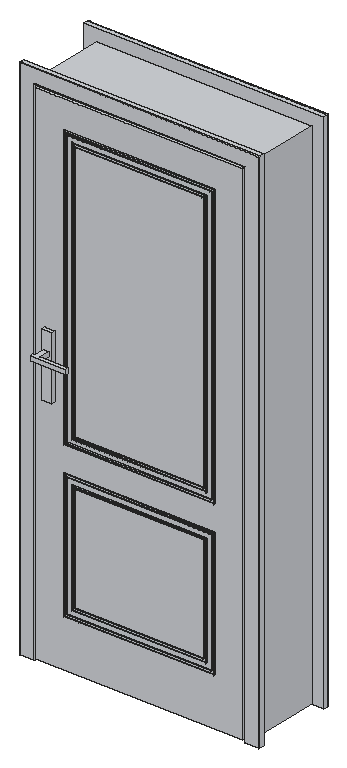
Revit family "PortaVECTORbp_V", category Doors, host Wall, Revit 2013
Parameters (values of type "PN 80")
  Zakres szerokości muru [instance] = if(and(Szerokość ściany > 94 mm, Szerokość ściany < 120 mm), "B", (if(and(Szerokość ściany > 119 mm, Szerokość ściany < 140 mm), "C", (if(and(Szerokość ściany > 139 mm, Szerokość ściany < 160 mm), "D", (if(and(Szerokość ściany > 159 mm, Szerokość ściany < 180 mm), "E", (if(and(Szerokość ściany > 179 mm, Szerokość ściany < 200 mm), "F", (if(and(Szerokość ściany > 199 mm, Szerokość ściany < 220 mm), "G", (if(and(Szerokość ściany > 219 mm, Szerokość ściany < 240 mm), "H", (if(and(Szerokość ściany > 239 mm, Szerokość ściany < 260 mm), "I", (if(and(Szerokość ściany > 259 mm, Szerokość ściany < 280 mm), "J", (if(and(Szerokość ściany > 279 mm, Szerokość ściany < 301 mm), "K", "BRAK")))))))))))))))))))  # "K"
  Rough Height = 2060 mm
  Szerokość ściany [instance] = 300 mm
  Rough Width = 880 mm
  Model = "Porta Vector V"
  Function = Interior
  URL = "www.porta.com.pl"
  Ss = 818 mm
  Sb = 846 mm
  Manufacturer = "PORTA KMI POLAND"
  Keynote = ""
  Description = "Biblioteki CAD produktów firmy PORTA KMI POLAND wraz z ich wizualizacjami są chronione prawami własności przemysłowej i intelektualnej. Można je wykorzystywać do handlowych celów osobistych poprzez zastosowanie w projektach, jednak nie wolno ich powielać, modyfikować, licencjonować ani publikować, w całości ani w części, chyba że celem przeglądania, bez uprzedniej pisemnej zgody PORTA KMI Poland. www.porta.com.pl"
  Height = 2016 mm
  Wall Closure = By host
  Width = 800 mm
  Materiał_skrzydło [instance] = none
  Materiał_ościeżnica [instance] = none
  Materiał_klamka [instance] = none
  Hs = 2017 mm
Types (3, lengths in mm): name | Rough Width | Ss | Sb | Width
  (no name) | 880 | 818 | 846 | 800
  PN 80 | 880 | 818 | 846 | 800
  PN 90 | 980 | 918 | 946 | 900
Reference planes
  plane 1: y = 0
  plane 2 "Środek (Lewa/Prawa)": x = 0
  plane 3 "Lewy": x = -440
  plane 4 "Prawy": x = 440
  plane 5: z = 2060
  plane 6 "Zewnętrzna": y = 150
  plane 7 "Wewnętrzna": y = -150
  plane 8 "skrzydło": y = -129
Forms (mm)
  Sweep 1, solid, material <- "Materiał_ościeżnica"
    path in 3D
      loop
        line (-440, -150, 0) -> (-440, -150, 2060) -> (440, -150, 2060) -> (440, -150, 0)
    profile origin (-440, -150, 1030) x (0, -1, 0) y (1, 0, 0)
      loop
        line (-24, 39) -> (-72, 39) -> (-72, 17) -> (0, 17) -> (0, -33) -> (16, -33)
        arc (16, -33) -> (18.121, -32.121) -> (19, -30) r 3
        line (19, -30) -> (19, 24)
        arc (19, 24) -> (18.121, 26.121) -> (16, 27) r 3
        line (16, 27) -> (-24, 27) -> (-24, 39)
  Sweep 2, solid, material <- "Materiał_ościeżnica"
    path in 3D
      loop
        line (440, 150, 0) -> (440, 150, 2060) -> (-440, 150, 2060) -> (-440, 150, 0)
    profile origin (-440, 150, 1030) x (1, 0, 0) y (0, 1, 0)
      loop
        line (-33, 0) -> (17, 0) -> (17, -228) -> (39, -228) -> (39, -1)
        arc (39, -1) -> (37.536, 2.536) -> (34, 4) r 5
        line (34, 4) -> (25, 4) -> (25, 16)
        arc (25, 16) -> (24.121, 18.121) -> (22, 19) r 3
        line (22, 19) -> (-30, 19)
        arc (-30, 19) -> (-32.121, 18.121) -> (-33, 16) r 3
        line (-33, 16) -> (-33, 0)
  Sweep 3, solid, not visible
    path in 3D
      loop
        line (-440, -150, 0) -> (-440, -150, 2060)
    profile origin (-440, -150, 1030) x (0, -1, 0) y (1, 0, 0)
      loop
        line (-151, 17) -> (-149, 17) -> (-149, 19) -> (-151, 19) -> (-151, 17)
Cuts and joins
  joined: Sweep 1, Sweep 2
Lines and regions (mm)
  Opening 1
    outline origin (-3050, -150, 0) x (1, 0, 0) y (0, 0, 1)
      loop
        line (2610, 0) -> (3490, 0) -> (3490, 2060) -> (2610, 2060) -> (2610, 0)
  sketch lines
    curve 1: line (-440, -150, 0) -> (-440, -150, 2060)
    curve 2: line (-440, -150, 2060) -> (440, -150, 2060)
    curve 3: line (440, -150, 2060) -> (440, -150, 0)
    curve 4: line (-440, 150, 2060) -> (-440, 150, 0)
    curve 5: line (440, 150, 2060) -> (-440, 150, 2060)
    curve 6: line (440, 150, 0) -> (440, 150, 2060)
    curve 12: line (-440, -150, 0) -> (-440, -150, 2060)
  symbolic lines, style "DoorsPanelProjection"
    curve 7: line (409, -150, 0) -> (409, -968, 0)
    curve 8: line (409, -968, 0) -> (369, -968, 0)
    curve 9: line (369, -968, 0) -> (369, -150, 0)
    curve 10: line (369, -150, 0) -> (409, -150, 0)
  symbolic lines, style "Ugięcie rzutu"
    curve 11: arc (-409, -150, 0) -> (-169.413, -728.413, 0) -> (409, -968, 0) r 818
Text (mm)
  text "Zewnętrzna" at (-2295.016, 1099.543, 0), in view "Poziom odniesienia"
  text "Zewnętrzna" at (0, 1615.38, 3698.081), in view "Lewy"
  text "Zewnętrzna" at (0, 1036.032, 3874.932), in view "Prawy"
Dimensions and locks
  equal spacing: plane 3 "Lewy", plane 2 "Środek (Lewa/Prawa)", plane 4 "Prawy"
  "Rough Width": plane 3 "Lewy" to plane 4 "Prawy"
  "Rough Height": plane 5 to host wall
  host wall to plane 5 = 2060 mm  (x2)
  locked: plane 6 "Zewnętrzna" to host wall at 0
  locked: plane 7 "Wewnętrzna" to host wall
  "Sb": Sweep 1 to Sweep 1
  locked: Sweep 1 sketch curve to Sweep 1 sketch curve at 22
  Sweep 1 sketch curve to Sweep 1 sketch curve = 50 mm
  locked: Sweep 1 sketch curve to profile plane at 72
  locked: Sweep 2 sketch curve to Sweep 2 sketch curve at 50
  locked: Sweep 2 sketch curve to Sweep 2 sketch curve at 22
  locked: Sweep 2 sketch curve to plane 6 "Zewnętrzna" at 1
  locked: curve 9 to curve 7 at 40
  "Ss": curve 8 to curve 10
  equal spacing: curve 11, plane 2 "Środek (Lewa/Prawa)", curve 7
  locked: plane 7 "Wewnętrzna" to plane 8 "skrzydło" at 21
  locked: host wall to Sweep 3 sketch curve at 1
  locked: Sweep 3 sketch curve to host wall at 1
  locked: Sweep 3 sketch curve to plane 6 "Zewnętrzna" at 151
  locked: plane 7 "Wewnętrzna" to Sweep 3 sketch curve at 151
  equal spacing: nested 1, plane 2 "Środek (Lewa/Prawa)", nested 1
  locked: nested 1 to level at 8
  "Szerokość ściany": host wall to host wall
  aligned and locked: plane 3 "Lewy" to Opening 1 sketch curve
  aligned and locked: plane 5 to Opening 1 sketch curve  (x2)
  aligned and locked: Opening 1 sketch curve to plane 4 "Prawy"
  aligned and locked: Opening 1 sketch curve to level
  aligned and locked: plane 1 to host wall
  aligned and locked: Sweep 1 to Sweep 2 sketch curve
  aligned and locked: plane 7 "Wewnętrzna" to curve 10
  aligned and locked: Sweep 3 sketch curve to cut or joined group of Sweep 1, Sweep 2
  aligned and locked: Sweep 2 sketch curve to cut or joined group of Sweep 1, Sweep 2
  aligned and locked: nested 1 to plane 8 "skrzydło"
Automatic sketch dimensions
  profile plane to Sweep 1 sketch curve = 24 mm
  Sweep 1 sketch curve to profile plane = 16 mm  (x2)
  Sweep 1 sketch curve to Sweep 1 sketch curve = 3 mm
  profile plane to Sweep 1 sketch curve = 17 mm
  Sweep 1 sketch curve to Sweep 1 sketch curve = 7 mm
  Sweep 1 sketch curve to profile plane = 0 mm
  Sweep 2 sketch curve to profile plane = 0 mm
  Sweep 2 sketch curve to profile plane = 16 mm
  Sweep 2 sketch curve to Sweep 2 sketch curve = 3 mm
  Sweep 2 sketch curve to Sweep 2 sketch curve = 5 mm
  Sweep 2 sketch curve to profile plane = 4 mm
  Sweep 2 sketch curve to Sweep 2 sketch curve = 8 mm
  curve 11 to host wall = 0 mm
  Sweep 3 sketch curve to Sweep 3 sketch curve = 2 mm
Nested families
  nested 1: "skrzydło" at (0, -135.5, 0), Materiał_klamka <- "Materiał_klamka", Materiał_skrzydło <- "Materiał_skrzydło", type "skrzydło"
    with Materiał_skrzydło none, Materiał_klamka none
Definition of nested family "skrzydło"
  Parameters (values of type "skrzydło")
    Ss = 818 mm
    Materiał_skrzydło [instance] = domyślne
    Materiał_klamka [instance] = none
    Hs = 2017 mm
  Reference planes
    plane 1 "Tył": y = 6.5
    plane 2: z = 0
    plane 3 "Środek (Lewa/Prawa)": x = 0
    plane 4 "Lewa": x = -409
    plane 5 "Prawa": x = 409
    plane 6 "Przód": y = -33.5
    plane 7: z = 2025
    plane 8 "Centrum": y = -13.5
    plane 9: z = 8
  Forms (mm)
    Extrusion 1, solid, material "domyślne" <- "Materiał_skrzydło"
      sketch origin (-1191.728, -1524, 8) x (-1, 0, 0) y (0, -1, 0)
        loop
          line (-782.728, -1490.5) -> (-1600.728, -1490.5) -> (-1600.728, -1530.5) -> (-782.728, -1530.5) -> (-782.728, -1490.5)
      from 0 to 2017
    Extrusion 2, void
      sketch origin (-2140.117, -33.5, 1200) x (1, 0, 0) y (0, 0, 1)
        loop
          line (1840.117, -400) -> (2440.117, -400) -> (2440.117, 716) -> (1840.117, 716) -> (1840.117, -400)
        loop
          line (1846.117, 710) -> (1846.117, -394) -> (2434.117, -394) -> (2434.117, 710) -> (1846.117, 710)
        loop
          line (1850.117, -390) -> (2430.117, -390) -> (2430.117, 706) -> (1850.117, 706) -> (1850.117, -390)
        loop
          line (1856.117, 700) -> (1856.117, -384) -> (2424.117, -384) -> (2424.117, 700) -> (1856.117, 700)
        loop
          line (1878.117, 678) -> (1878.117, -362) -> (2402.117, -362) -> (2402.117, 678) -> (1878.117, 678)
        loop
          line (1872.117, -368) -> (2408.117, -368) -> (2408.117, 684) -> (1872.117, 684) -> (1872.117, -368)
        loop
          line (1882.117, -358) -> (2398.117, -358) -> (2398.117, 674) -> (1882.117, 674) -> (1882.117, -358)
        loop
          line (1888.117, 668) -> (1888.117, -352) -> (2392.117, -352) -> (2392.117, 668) -> (1888.117, 668)
        loop
          line (1888.117, -957) -> (2392.117, -957) -> (2392.117, -542) -> (1888.117, -542) -> (1888.117, -957)
        loop
          line (2398.117, -963) -> (2398.117, -536) -> (1882.117, -536) -> (1882.117, -963) -> (2398.117, -963)
        loop
          line (1878.117, -967) -> (2402.117, -967) -> (2402.117, -532) -> (1878.117, -532) -> (1878.117, -967)
        loop
          line (2408.117, -973) -> (2408.117, -526) -> (1872.117, -526) -> (1872.117, -973) -> (2408.117, -973)
        loop
          line (1856.117, -989) -> (2424.117, -989) -> (2424.117, -510) -> (1856.117, -510) -> (1856.117, -989)
        loop
          line (2430.117, -995) -> (2430.117, -504) -> (1850.117, -504) -> (1850.117, -995) -> (2430.117, -995)
        loop
          line (2440.117, -1005) -> (2440.117, -494) -> (1840.117, -494) -> (1840.117, -1005) -> (2440.117, -1005)
        loop
          line (1846.117, -999) -> (2434.117, -999) -> (2434.117, -500) -> (1846.117, -500) -> (1846.117, -999)
      from 2 to -1
    Extrusion 3, void
      sketch origin (0, 6.5, 0) x (-1, 0, 0) y (0, 0, 1)
        loop
          line (-300, 195) -> (300, 195) -> (300, 706) -> (-300, 706) -> (-300, 195)
        loop
          line (294, 201) -> (294, 700) -> (-294, 700) -> (-294, 201) -> (294, 201)
        loop
          line (-290, 205) -> (290, 205) -> (290, 696) -> (-290, 696) -> (-290, 205)
        loop
          line (284, 211) -> (284, 690) -> (-284, 690) -> (-284, 211) -> (284, 211)
        loop
          line (-268, 227) -> (268, 227) -> (268, 674) -> (-268, 674) -> (-268, 227)
        loop
          line (262, 233) -> (262, 668) -> (-262, 668) -> (-262, 233) -> (262, 233)
        loop
          line (-258, 237) -> (258, 237) -> (258, 664) -> (-258, 664) -> (-258, 237)
        loop
          line (252, 243) -> (252, 658) -> (-252, 658) -> (-252, 243) -> (252, 243)
        loop
          line (-300, 1916) -> (-300, 800) -> (300, 800) -> (300, 1916) -> (-300, 1916)
        loop
          line (-294, 806) -> (294, 806) -> (294, 1910) -> (-294, 1910) -> (-294, 806)
        loop
          line (-290, 1906) -> (-290, 810) -> (290, 810) -> (290, 1906) -> (-290, 1906)
        loop
          line (-284, 816) -> (284, 816) -> (284, 1900) -> (-284, 1900) -> (-284, 816)
        loop
          line (-268, 1884) -> (-268, 832) -> (268, 832) -> (268, 1884) -> (-268, 1884)
        loop
          line (-262, 838) -> (262, 838) -> (262, 1878) -> (-262, 1878) -> (-262, 838)
        loop
          line (-258, 1874) -> (-258, 842) -> (258, 842) -> (258, 1874) -> (-258, 1874)
        loop
          line (-252, 848) -> (252, 848) -> (252, 1868) -> (-252, 1868) -> (-252, 848)
      from -1 to 2
  Cuts and joins
    Extrusion 2, Extrusion 3 cuts Extrusion 1
  Dimensions and locks
    equal spacing: plane 4 "Lewa", plane 3 "Środek (Lewa/Prawa)", plane 5 "Prawa"
    "Ss": plane 4 "Lewa" to plane 5 "Prawa"
    locked: plane 9 to level at 8
    "Hs": plane 7 to plane 9
    locked: nested 1 to plane 9 at 934
    locked: plane 9 to nested 2 at 934
    equal spacing: plane 6 "Przód", plane 8 "Centrum", plane 1 "Tył"
    locked: plane 4 "Lewa" to nested 1 at 55
    locked: plane 4 "Lewa" to nested 2 at 55
    Extrusion 2 sketch curve to Extrusion 2 sketch curve to Extrusion 2 sketch curve to Extrusion 2 sketch curve to Extrusion 2 sketch curve to Extrusion 2 sketch curve to Extrusion 2 sketch curve to Extrusion 2 sketch curve to plane 4 "Lewa" = 6 mm locked, 4 mm locked, 6 mm locked, 16 mm locked, 6 mm locked, 4 mm locked, 6 mm locked, 109 mm locked  (x2)
    plane 5 "Prawa" to Extrusion 2 sketch curve to Extrusion 2 sketch curve to Extrusion 2 sketch curve to Extrusion 2 sketch curve to Extrusion 2 sketch curve to Extrusion 2 sketch curve to Extrusion 2 sketch curve to Extrusion 2 sketch curve = 109 mm locked, 6 mm locked, 4 mm locked, 6 mm locked, 16 mm locked, 6 mm locked, 4 mm locked, 6 mm locked  (x2)
    plane 7 to Extrusion 2 sketch curve to Extrusion 2 sketch curve to Extrusion 2 sketch curve to Extrusion 2 sketch curve to Extrusion 2 sketch curve to Extrusion 2 sketch curve to Extrusion 2 sketch curve to Extrusion 2 sketch curve = 109 mm locked, 6 mm locked, 4 mm locked, 6 mm locked, 16 mm locked, 6 mm locked, 4 mm locked, 6 mm locked
    Extrusion 2 sketch curve to Extrusion 2 sketch curve to Extrusion 2 sketch curve to Extrusion 2 sketch curve to Extrusion 2 sketch curve to Extrusion 2 sketch curve to Extrusion 2 sketch curve to Extrusion 2 sketch curve to plane 9 = 6 mm locked, 4 mm locked, 6 mm locked, 16 mm locked, 6 mm locked, 4 mm locked, 6 mm locked, 187 mm locked
    Extrusion 2 sketch curve to Extrusion 2 sketch curve to Extrusion 2 sketch curve to Extrusion 2 sketch curve to Extrusion 2 sketch curve to Extrusion 2 sketch curve to Extrusion 2 sketch curve to Extrusion 2 sketch curve to Extrusion 2 sketch curve to Extrusion 2 sketch curve to Extrusion 2 sketch curve to Extrusion 2 sketch curve to Extrusion 2 sketch curve to Extrusion 2 sketch curve to Extrusion 2 sketch curve to Extrusion 2 sketch curve to plane 9 = 6 mm locked, 4 mm locked, 6 mm locked, 16 mm locked, 6 mm locked, 4 mm locked, 6 mm locked, 94 mm locked, 6 mm locked, 4 mm locked, 6 mm locked, 16 mm locked, 6 mm locked, 4 mm locked, 6 mm locked, 650 mm locked
    aligned and locked: nested 1 to plane 6 "Przód"
    aligned and locked: plane 4 "Lewa" to Extrusion 1 sketch curve
    aligned and locked: plane 7 to Extrusion 1
    aligned and locked: nested 2 to nested 1
    aligned and locked: Extrusion 1 sketch curve to plane 5 "Prawa"
    aligned and locked: Extrusion 1 sketch curve to plane 1 "Tył"
    aligned and locked: Extrusion 1 sketch curve to plane 6 "Przód"
    aligned and locked: Extrusion 3 sketch curve to cut or joined group of Extrusion 1, Extrusion 2, Extrusion 3  (x64)
  Nested families
    nested 1: "KLAMKA" at (-354, -33.5, 1067), Materiał klamki <- "Materiał_klamka", type "KLAMKA"
      with Materiał klamki none
    nested 2: "KLAMKA" at (-354, 6.5, 1067), Materiał klamki <- "Materiał_klamka", type "KLAMKA"
      with Materiał klamki none
  Definition of nested family "KLAMKA"
    Parameters (values of type "KLAMKA")
      Materiał klamki [instance] = none
      Assembly Code = ""
      Default Elevation = 1219.2 mm
    Reference planes
      plane 1 "Center (Front/Back)": y = 0
      plane 2: z = 0
      plane 3 "Center (Left/Right)": x = 0
      plane 4: z = 125
      plane 5: z = -125
      plane 6: x = 20
      plane 7: x = -20
      plane 8: y = -70
      plane 9: y = -60
      plane 10: x = 10
      plane 11: x = -10
      plane 12: x = 120
      plane 13: z = 35
      plane 14: z = 55
      plane 15: y = -15
    Forms (mm)
      Extrusion 1, solid, material <- "Materiał klamki"
        sketch origin (0, 0, 0) x (1, 0, 0) y (0, 0, 1)
          loop
            line (-20, 125) -> (-20, -125) -> (20, -125) -> (20, 125) -> (-20, 125)
        from 0 to 15
      Extrusion 2, solid, material <- "Materiał klamki"
        sketch origin (0, 0, 0) x (1, 0, 0) y (0, 1, 0)
          loop
            line (-10, -15) -> (-10, -60) -> (-20, -60) -> (-20, -70) -> (120, -70) -> (120, -60) -> (10, -60) -> (10, -15) -> (-10, -15)
        from 35 to 55
    Dimensions and locks
      equal spacing: plane 4, plane 2, plane 5
      plane 4 to plane 5 = 250 mm
      equal spacing: plane 7, plane 3 "Center (Left/Right)", plane 6
      plane 7 to plane 6 = 40 mm
      plane 8 to plane 1 "Center (Front/Back)" = 70 mm
      plane 11 to plane 3 "Center (Left/Right)" to plane 10 = 10 mm locked, 10 mm locked
      plane 7 to plane 12 = 140 mm
      plane 15 to plane 1 "Center (Front/Back)" = 15 mm
      aligned and locked: plane 7 to Extrusion 1 sketch curve
      aligned and locked: Extrusion 1 sketch curve to plane 4
      aligned and locked: plane 5 to Extrusion 1 sketch curve
      aligned and locked: Extrusion 1 sketch curve to plane 6
      aligned and locked: plane 15 to Extrusion 1
      aligned and locked: Extrusion 1 to plane 1 "Center (Front/Back)"
      aligned and locked: plane 14 to Extrusion 2
      aligned and locked: Extrusion 2 to plane 13
    Automatic sketch dimensions
      Extrusion 2 sketch curve to plane 7 = 0 mm
      Extrusion 2 sketch curve to plane 9 = 0 mm  (x2)
      Extrusion 2 sketch curve to plane 11 = 0 mm
      Extrusion 2 sketch curve to plane 10 = 0 mm
      Extrusion 2 sketch curve to plane 12 = 0 mm
      Extrusion 2 sketch curve to plane 8 = 0 mm
      Extrusion 2 sketch curve to plane 15 = 0 mm
